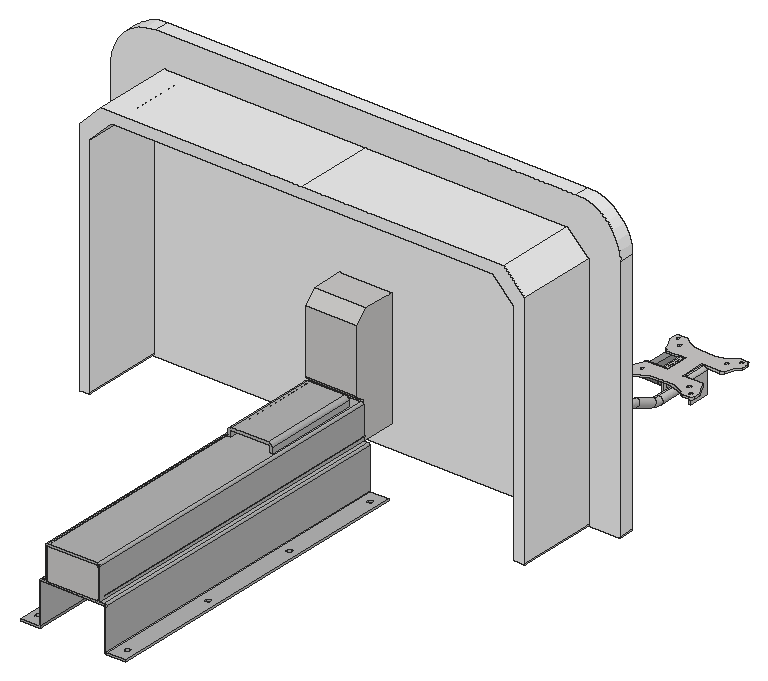
Revit family "Furniture_Office-Desks&Tables_Dandent_DTF46182_Computer-Table", category Furniture, host Face, Revit 2017 (continued)
Definition of nested family "DTF46182 (bredd 800, djup 460)"
  Lines and regions (mm)
    symbolic lines, detail levels fine
      curve 426: line (220, 0, 61.745) -> (210, 0, 61.745)
      curve 427: line (210, 0, 64.235) -> (0, 0, 64.235)
      curve 428: arc (228.351, 0, 57.245) -> (224.743, 0, 60.548) -> (220, 0, 61.745) r 9.999
      curve 429: arc (226.052, 0, 43.786) -> (229.447, 0, 48.467) -> (229.682, 0, 54.245) r 9.999
      curve 441: line (-52.5, 0, 31.755) -> (-50, 0, 31.755)
      curve 443: line (-277, 0, 57.245) -> (-220, 0, 57.245)
      curve 444: line (-277, 0, 54.245) -> (-277, 0, 57.245)
      curve 445: line (-220, 0, 54.245) -> (-277, 0, 54.245)
      curve 448: arc (-243, 0, 52.245) -> (-242.904, 0, 53.263) -> (-242.619, 0, 54.245) r 5.445
      curve 450: arc (-240, 0, 52.245) -> (-239.454, 0, 53.62) -> (-238.113, 0, 54.245) r 2.003
      curve 451: arc (-245, 0, 42.731) -> (-247.968, 0, 37.595) -> (-249.001, 0, 31.755) r 17.083
      curve 452: line (-245, 0, 42.731) -> (-245, 0, 20.759)
      curve 454: line (-245, 0, 42.731) -> (-243, 0, 42.731)
      curve 455: line (-220, 0, 42.745) -> (-240, 0, 42.745)
      curve 457: line (-226.052, 0, 42.745) -> (-226.052, 0, 54.245)
      curve 458: line (-163, 0, 57.245) -> (-220, 0, 57.245)
      curve 459: line (-163, 0, 54.245) -> (-163, 0, 57.245)
      curve 460: line (-220, 0, 54.245) -> (-163, 0, 54.245)
      curve 463: arc (-197, 0, 52.245) -> (-197.096, 0, 53.263) -> (-197.381, 0, 54.245) r 5.445
      curve 465: arc (-200, 0, 52.245) -> (-200.546, 0, 53.62) -> (-201.887, 0, 54.245) r 2.003
      curve 466: line (-220, 0, 42.745) -> (-200, 0, 42.745)
      curve 468: line (-213.948, 0, 42.745) -> (-213.948, 0, 54.245)
      curve 469: line (-187.4, 0, 41.939) -> (-187.4, 0, 24.519)
      curve 470: line (-186.1, 0, 43.239) -> (-159.621, 0, 43.239)
      curve 471: line (-158.321, 0, 41.939) -> (-158.321, 0, 31.755)
      curve 474: arc (-159.621, 0, 43.239) -> (-158.701, 0, 42.858) -> (-158.321, 0, 41.939) r 1.3
      curve 475: arc (-187.4, 0, 41.939) -> (-187.019, 0, 42.858) -> (-186.1, 0, 43.239) r 1.3
      curve 477: line (-187.4, 0, 39.036) -> (-195.4, 0, 39.036)
      curve 478: line (-195.4, 0, 39.735) -> (-197, 0, 39.735)
      curve 487: line (-243, 0, 20.759) -> (-243, 0, 52.245)
      curve 488: line (-240, 0, 20.745) -> (-240, 0, 52.245)
      curve 489: line (-200, 0, 20.745) -> (-200, 0, 52.245)
      curve 490: line (-197, 0, 23.755) -> (-197, 0, 52.245)
      curve 491: line (-195.4, 0, 39.735) -> (-195.4, 0, 24.519)
      curve 493: line (-210, 0, 64.235) -> (-210, 0, 57.245)
      curve 494: line (-209.947, 0, 54.245) -> (-209.947, 0, 42.745)
      curve 495: line (-220, 0, 61.745) -> (-210, 0, 61.745)
      curve 496: line (-210, 0, 64.235) -> (0, 0, 64.235)
      curve 497: arc (-228.351, 0, 57.245) -> (-224.743, 0, 60.548) -> (-220, 0, 61.745) r 9.999
      curve 498: arc (-226.052, 0, 43.786) -> (-229.447, 0, 48.467) -> (-229.682, 0, 54.245) r 9.999
  Dimensions and locks
    aligned and locked: plane 2 to Extrusion 1
    aligned and locked: level to Extrusion 1
